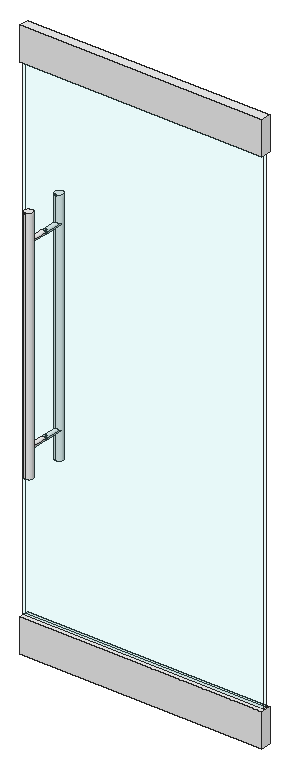
Revit family "RYN_CT.DOR_Swing_1Panel_In.CG_Fr.AL", category Doors, Revit 2025
Family settings
  Always vertical = Yes
  Cut with Voids When Loaded = No
  Shared = No
  Room Calculation Point = No
Parameters
  Type Comments = "RYN_CT.DOR_Swing_1Panel_In.CG_Fr.AL"
  Stile - Top Rail = 125.00 mm
  Stile - Bottom Rail = 125.00 mm
  RYN_Door_OpenArea = 0.00 m²
  RYN_Door_Name = ""
  Offset = 50.00 mm
  Material Handle = Metal - Aluminum
  Material Frame = Metal - Aluminum
  Handle X Distance = 75.00 mm
  Glazing Thickness = 12.00 mm
  Material Glass = Door - GLASS
  Function = Interior
  Description = "1 Panel Swing Curtain Wall Door - Clear Glass Panel - Aluminum Frame"
  Define Thermal Properties by = 1
  Assembly Code = ""
  Analytic Construction = "<None>"
Reference planes
  plane 1: y = 0
  plane 2: z = 0
  plane 3: x = 539.723
  plane 4: x = 82.523
  plane 5: x = 996.923
  plane 6: z = 2133.6
  plane 7: y = 50
  plane 8: z = 750
  plane 9: z = 1450
  plane 10: x = 157.523
  plane 11: z = 1550
  plane 12: z = 650
  plane 13: z = 2008.6
  plane 14: z = 125
  plane 15: z = 1066.8
Forms (mm)
  Extrusion 1, solid, material "Door - GLASS" <- "Material Glass"
    sketch origin (0, 0, 0) x (1, 0, 0) y (0, 1, 0)
      loop
        line (82.523, 50) -> (82.523, 38) -> (996.923, 38) -> (996.923, 50) -> (82.523, 50)
    from 125 to 2008.6
  Extrusion 2, solid, material "Metal - Aluminum" <- "Material Frame"
    sketch origin (0, 50, 0) x (1, 0, 0) y (0, 0, 1)
      loop
        line (996.923, 0) -> (996.923, 125) -> (82.523, 125) -> (82.523, 0) -> (996.923, 0)
      loop
        line (996.923, 2133.6) -> (82.523, 2133.6) -> (82.523, 2008.6) -> (996.923, 2008.6) -> (996.923, 2133.6)
    from -13 to 25
  Extrusion 3, solid, material "Metal - Aluminum" <- "Material Handle"
    sketch origin (0, 63, 0) x (-1, 0, 0) y (0, 0, 1)
      loop
        circle (-157.523, 750) r 8
    from -13 to 53
  Extrusion 4, solid, material "Metal - Aluminum" <- "Material Handle"
    sketch origin (0, 0, 650) x (0, 1, 0) y (1, 0, 0)
      loop
        circle (116, 157.523) r 15
    from 0 to -900
  Extrusion 5, solid, material "Metal - Aluminum" <- "Material Handle"
    sketch origin (0, 88, 650) x (0, 1, 0) y (1, 0, 0)
      loop
        circle (-116, 157.523) r 15
    from 0 to -900
  Extrusion 6, solid, material "Metal - Aluminum" <- "Material Handle"
    sketch origin (0, -15, 0) x (-1, 0, 0) y (0, 0, 1)
      loop
        circle (-157.523, 750) r 8
    from -13 to 53
  Extrusion 7, solid, material "Metal - Aluminum" <- "Material Handle"
    sketch origin (0, 63, 700) x (-1, 0, 0) y (0, 0, 1)
      loop
        circle (-157.523, 750) r 8
    from -13 to 53
  Extrusion 8, solid, material "Metal - Aluminum" <- "Material Handle"
    sketch origin (0, -15, 700) x (-1, 0, 0) y (0, 0, 1)
      loop
        circle (-157.523, 750) r 8
    from -13 to 53
Lines and regions (mm)
  symbolic lines, style "DoorsPanelProjection"
    curve 1: line (996.923, 50, 0) -> (996.923, 964.4, 0)
  symbolic lines, style "Plan Swing"
    curve 2: arc (82.523, 50, 0) -> (350.345, 696.578, 0) -> (996.923, 964.4, 0) r 914.4
  symbolic lines, style "Elevation Swing"
    curve 3: line (996.923, 0, 2133.6) -> (82.523, 0, 1066.8)
    curve 4: line (82.523, 0, 1066.8) -> (996.923, 0, 0)
Text (mm)
  text "Exterior" at (-272.061, 797.241, 0), in view "Base Line"
Dimensions and locks
  equal spacing: plane 4, plane 3, plane 5
  "Offset": plane 1 to plane 7
  plane 2 to plane 6 = 2133.60 mm
  level to plane 8 to plane 9 = 750.00 mm, 700.00 mm
  "Glazing Thickness": Extrusion 1 to Extrusion 1
  locked: Extrusion 2 to plane 7 at 13
  locked: Extrusion 2 to Extrusion 1 at 13
  "Handle X Distance": plane 4 to plane 10
  Extrusion 1 to plane 5 = 0.00 mm
  plane 4 to Extrusion 1 = 0.00 mm
  "Stile - Bottom Rail": level to plane 14
  "Stile - Top Rail": plane 13 to plane 6
  equal spacing: level, plane 15, plane 6
  aligned and locked: Extrusion 4 to plane 11
  aligned and locked: Extrusion 1 to plane 5
  aligned and locked: plane 4 to Extrusion 1
  aligned and locked: plane 14 to Extrusion 2 sketch curve
  aligned and locked: Extrusion 2 sketch curve to plane 13
  aligned and locked: Extrusion 1 to plane 13
  aligned and locked: plane 14 to Extrusion 1
  aligned and locked: Extrusion 2 to curve 3
  aligned and locked: curve 3 to Extrusion 1
  aligned and locked: curve 4 to Extrusion 2
Automatic sketch dimensions
  curve 2 to plane 4 = 0.00 mm
  curve 2 to plane 5 = 0.00 mm
  curve 2 to plane 7 = 0.00 mm
  curve 1 to plane 7 = 0.00 mm
  curve 4 to plane 15 = 0.00 mm
  curve 4 to plane 5 = 0.00 mm
  curve 3 to plane 5 = 0.00 mm
  Extrusion 1 sketch curve to plane 4 = 0.00 mm
  Extrusion 1 sketch curve to plane 5 = 0.00 mm
  Extrusion 1 sketch curve to plane 7 = 0.00 mm
  plane 7 to Extrusion 1 sketch curve = 12.00 mm
  Extrusion 2 sketch curve to plane 4 = 0.00 mm  (x2)
  Extrusion 2 sketch curve to level = 0.00 mm
  Extrusion 2 sketch curve to plane 5 = 0.00 mm  (x2)
  Extrusion 2 sketch curve to plane 6 = 0.00 mm
  Extrusion 3 sketch curve to plane 8 = 0.00 mm
  Extrusion 3 sketch curve to plane 10 = 0.00 mm
  Extrusion 4 sketch curve to plane 10 = 0.00 mm
  Extrusion 4 sketch curve to plane 7 = 66.00 mm
  Extrusion 5 sketch curve to plane 10 = 0.00 mm
  plane 1 to Extrusion 5 sketch curve = 28.00 mm
  Extrusion 6 sketch curve to plane 8 = 0.00 mm
  Extrusion 6 sketch curve to plane 10 = 0.00 mm
  Extrusion 7 sketch curve to plane 9 = 0.00 mm
  Extrusion 7 sketch curve to plane 10 = 0.00 mm
  Extrusion 8 sketch curve to plane 9 = 0.00 mm
  Extrusion 8 sketch curve to plane 10 = 0.00 mm
  radius of Extrusion 3 sketch curve = 8.00 mm
  radius of Extrusion 4 sketch curve = 15.00 mm
  radius of Extrusion 5 sketch curve = 15.00 mm
  radius of Extrusion 6 sketch curve = 8.00 mm
  radius of Extrusion 7 sketch curve = 8.00 mm
  radius of Extrusion 8 sketch curve = 8.00 mm
